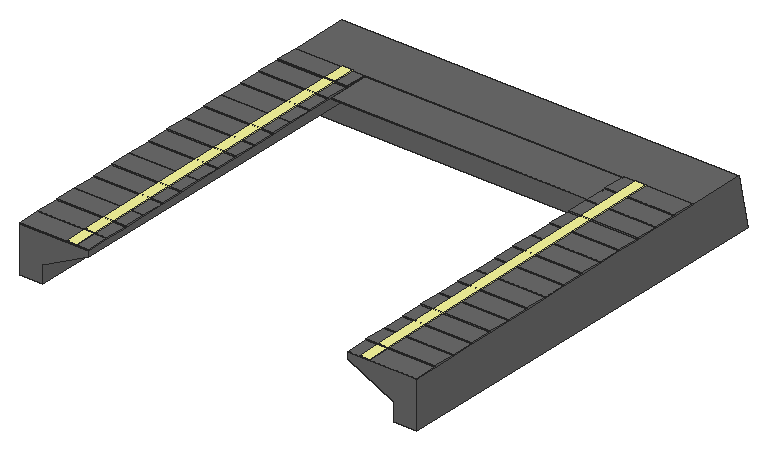
Revit family "Dock_Seal_Nova-Tech_FPHU", category Generic Models, Revit 2017
Family settings
  Can host rebar = No
  Round Connector Dimension = Use Diameter
  Part Type = Normal
  OmniClass Number = 23.50.70.11
  OmniClass Title = Dock Bumpers/Seals
  Work Plane-Based = Yes
  Always vertical = No
  Cut with Voids When Loaded = No
  Shared = No
  Room Calculation Point = No
Parameters
  projectionabs [instance] = abs(Projection_Top - Projection_Bottom) / 0' 1"  # 2
  faceangle [instance] = if(Projection_Top > Projection_Bottom, atan(projectionabs / ((Unit Height + Header Height) / 0' 1")), -atan(projectionabs / ((Unit Height + Header Height) / 0' 1")))  # 0.795724°
  Warranty Duration (Years) = 0
  Unit Width [instance] = (Opening Width + (Panel Width_Front * 2))  # 11' - 6"
  Unit Height [instance] = 10' - 0"
  Unit Depth [instance] = if(Projection_Top > Projection_Bottom, Projection_Top, Projection_Bottom)  # 1' - 6"
  URL = "http://www.novalocks.com/"
  Test Data = ""
  Specification = "http://arcat.com/arcatcos/cos43/arc43493.html?isac=1&r=2"
  SpecWizard = ""
  Send Message = "http://www.arcat.com/users.pl?action=UserEmail&company=Nova+Technology&coid=43493&rep=132&fax=262-502-1511&mf="
  Sales Information = "http://www.novalocks.com/general-contact-info/"
  Revision = "R1_02-2013"
  Pull Rope System for Drop Curtain [instance] = yes
  Projection_Top [instance] = 1' - 6"
  Projection_Bottom [instance] = 1' - 4"
  Product Properties = ""
  Product Data = "http://arcat.com/arcatcos/cos43/arc43493.html?isac=1&r=2"
  Pleat Sizing [instance] = Pleats : 8in Spacing
  Panel Width_Front [instance] = 2' - 0"
  Panel Width_Back = 0' - 8"
  Overall Height [instance] = Unit Height + Header Height  # 12' - 0"
  Opening Width Minimum = 6' - 6"
  Opening Width Maximum = 8' - 6"
  Opening Width [instance] = 7' - 6"
  Opening Height Minimum = 3' - 0"
  Opening Height Maximum = 12' - 0"
  Opening Height [instance] = Unit Height + Header Height  # 12' - 0"
  Model = "As Specified"
  Material = Polyethylene Sheeting - Black
  Manufacturer Website = "http://www.novalocks.com/"
  Manufacturer Phone - Toll Free = "800-236-7325"
  Manufacturer Phone = "262-502-1591"
  Manufacturer Fax = "262-502-1511"
  Manufacturer Address = "N90 W14507 Commerce Dr. Menomonee Falls, WI 53051"
  Manufacturer = "Nova Technology"
  Maintenance Schedule (Months) = 0
  Keynote = "11160"
  Installation-Fabrication = ""
  Installation Phase = ""
  Header Height [instance] = 2' - 0"
  Guide Color = Polyethylene Sheeting - Yellow
  Green Building-LEED = ""
  Full Length Guide Strip [instance] = yes
  Flame Retardant Foam and Fabric [instance] = yes
  Expected Lifespan (Years) = 0
  Drop Curtain [instance] = yes
  Drawn By = "Sumex Design, Inc. / Robert S. Weygant, CSI, CDT, SCIP"
  Description = "Nova Technology Dock Seal as Specified"
  Default Elevation = 4' - 0"
  Curtain Drop [instance] = 1' - 3"
  Copyright = "©Arcat Inc."
  Construction Details = ""
  Building Codes = ""
  Assembly Code = "E1030300"
  Armor Pleats = yes
Reference planes (in)
  plane 1 "Base": y = 0
  plane 2 "Host": z = 0
  plane 3 "Center (Left/Right)": x = 0
  plane 4 "OH": y = 120
  plane 5 "Left": x = -45
  plane 6 "Right": x = 45
  plane 7 "Front": z = 18
  plane 8: x = -69
  plane 9: x = 69
  plane 10: x = -45
  plane 11: x = 45
  plane 12: y = 124
  plane 13: y = 126
  plane 14: y = 144
  plane 15: y = 105
  plane 16: z = 18
  plane 17: z = 16
  plane 18: x = -61
  plane 19: x = 61
Forms (in)
  Extrusion 1, void
    sketch origin (0, 0, 0) x (1, 0, 0) y (0, 0, 1)
      loop
        line (-61, 0) -> (-45, 0) -> (-45, 14) -> (-61, 6) -> (-61, 0)
      loop
        line (61, 0) -> (61, 6) -> (45, 14) -> (45, 0) -> (61, 0)
    from -120 to 0
  Extrusion 2, solid, material "Polyethylene Sheeting - Black" <- "Material"
    sketch origin (0, 0, 0) x (0, 1, 0) y (0, 0, 1)
      loop
        line (0, 0) -> (144, 0) -> (144, 18) -> (0, 16) -> (0, 0)
    from -69 to 69
  Extrusion 3, void
    sketch origin (0, 0, 0) x (0, 1, 0) y (0, 0, 1)
      loop
        line (120, 0) -> (120, 18) -> (0, 18) -> (0, 0) -> (120, 0)
    from -45 to 45
  Extrusion 4, solid, material "Polyethylene Sheeting - Black" <- "Material", visible <- "Drop Curtain"
    sketch origin (0, 0, 0) x (0, 1, 0) y (0, 0, 1)
      loop
        line (120, 17.66667) -> (105, 17.45833) -> (105, 17.26523) -> (120, 17.47356) -> (120, 17.66667)
    from -45 to 45
  Extrusion 5, void
    sketch origin (0, 0, 0) x (0, 1, 0) y (0, 0, 1)
      loop
        line (144, 0) -> (144, 18) -> (140, 18) -> (144, 0)
    from -69 to 69
Cuts and joins
  Extrusion 1, Extrusion 3, Extrusion 5 cuts Extrusion 2
Lines and regions (in)
  reference lines
    curve 1: line (0, 0, 16) -> (0, -0.04802, 19.45744)
Dimensions and locks (in)
  equal spacing: plane 5 "Left", plane 3 "Center (Left/Right)", plane 6 "Right"
  equal spacing: plane 8, plane 3 "Center (Left/Right)", plane 9
  "Opening Width": plane 5 "Left" to plane 6 "Right"
  "Unit Width": plane 8 to plane 9
  "Unit Height": plane 1 "Base" to plane 4 "OH"
  "Unit Depth": plane 7 "Front" to level
  locked: plane 13 to plane 12 at 2
  "Panel Width_Front": plane 8 to plane 10
  "Panel Width_Front": plane 11 to plane 9
  "Header Height": plane 14 to plane 4 "OH"
  locked: plane 12 to plane 4 "OH" at 4
  "Curtain Drop": plane 4 "OH" to plane 15
  "Projection_Top": plane 16 to level
  "Projection_Bottom": plane 17 to level
  "Panel Width_Back": Extrusion 1 sketch curve to plane 8
  locked: Extrusion 1 sketch curve to level at 6  (x2)
  "Panel Width_Back": plane 9 to Extrusion 1 sketch curve
  locked: plane 17 to Extrusion 1 sketch curve at 2  (x2)
  "Panel Width_Back": plane 8 to plane 18
  "Panel Width_Back": plane 19 to plane 9
  locked: cut or joined group of Extrusion 1, Extrusion 2, Extrusion 3, Extrusion 5 to Extrusion 4 sketch curve at 0.19309
  locked: Extrusion 5 sketch curve to plane 14 at 4
  "faceangle": angle plane 4 "OH" to curve 1
  aligned and locked: plane 10 to Extrusion 1 sketch curve
  aligned and locked: plane 11 to Extrusion 1 sketch curve
  aligned and locked: plane 4 "OH" to Extrusion 1
  aligned and locked: plane 1 "Base" to Extrusion 1
  aligned and locked: plane 1 "Base" to Extrusion 2 sketch curve
  aligned and locked: Extrusion 2 sketch curve to level
  aligned and locked: plane 9 to Extrusion 2
  aligned and locked: plane 14 to Extrusion 2 sketch curve  (x2)
  aligned and locked: Extrusion 2 sketch curve to plane 16
  aligned and locked: Extrusion 2 to plane 8
  aligned and locked: Extrusion 3 sketch curve to level
  aligned and locked: plane 4 "OH" to Extrusion 3 sketch curve
  aligned and locked: Extrusion 3 sketch curve to plane 7 "Front"
  aligned and locked: plane 1 "Base" to Extrusion 3 sketch curve
  aligned and locked: plane 11 to Extrusion 3
  aligned and locked: Extrusion 3 to plane 10
  aligned and locked: plane 9 to nested 2
  aligned and locked: plane 17 to Extrusion 2 sketch curve
  aligned and locked: plane 8 to nested 1
  aligned and locked: nested 1 to cut or joined group of Extrusion 1, Extrusion 2, Extrusion 3, Extrusion 5
  aligned and locked: plane 17 to curve 1
  aligned and locked: plane 4 "OH" to Extrusion 4 sketch curve
  aligned and locked: Extrusion 4 sketch curve to plane 15
  aligned and locked: cut or joined group of Extrusion 1, Extrusion 2, Extrusion 3, Extrusion 5 to Extrusion 4 sketch curve
  aligned and locked: Extrusion 5 sketch curve to plane 7 "Front"
  aligned and locked: plane 14 to Extrusion 5 sketch curve
  aligned and locked: plane 9 to Extrusion 5
  aligned and locked: Extrusion 5 to plane 8
  aligned and locked: plane 6 "Right" to Extrusion 4
  aligned and locked: Extrusion 4 to plane 5 "Left"
  aligned and locked: plane 1 "Base" to curve 1
  aligned and locked: nested 2 to curve 1
  aligned and locked: nested 1 to curve 1
Automatic sketch dimensions
  Extrusion 1 sketch curve to level = 0' - 0"  (x2)
  Extrusion 5 sketch curve to level = 0' - 0"
Nested families (in)
  nested 1: "Pleats" at (-69, 0, 16) x (1, 0, 0) z (0, -0.0139, 0.9999), visible <- "Armor Pleats", Width <- "Panel Width_Front", Unit Height <- "Unit Height", Full Length Guide Strip <- "Full Length Guide Strip", type <- "Pleat Sizing", type "8in Spacing"
    with Width 2' - 0", Unit Height 10' - 0", Remainder 0' - 0", Pleatscount 13.9, Pleats 14, Last Pleat 0' - 8", Guide Strip Length 10' - 0", Full Length Guide Strip yes, Pleat Spacing 0' - 8"
  nested 2: "Pleats" at (69, 0, 16) x (-1, 0, 0) z (0, -0.0139, 0.9999), visible <- "Armor Pleats", Width <- "Panel Width_Front", Unit Height <- "Unit Height", Full Length Guide Strip <- "Full Length Guide Strip", type <- "Pleat Sizing", type "8in Spacing"
    with Width 2' - 0", Unit Height 10' - 0", Remainder 0' - 0", Pleatscount 13.9, Pleats 14, Last Pleat 0' - 8", Guide Strip Length 10' - 0", Full Length Guide Strip yes, Pleat Spacing 0' - 8"
Definition of nested family "Pleats"
  Parameters
    Width [instance] = 1' - 0"
    Unit Height [instance] = 10' - 0"
    Pleatscount [instance] = (Unit Height / Pleat Spacing) - 1.1  # 6.4
    Pleats [instance] = Pleatscount  # 6
    Pleat Spacing = 1' - 4"
    Material = none
    Remainder [instance] = Unit Height - ((Pleats + 1) * (Pleat Spacing / 0' 1")) * 0' 1"  # 0' - 8"
    Last Pleat [instance] = if(Remainder = 0' 0", Pleat Spacing, Remainder)  # 0' - 8"
    Guide Strip Length [instance] = if(Full Length Guide Strip, Unit Height, 2' 0")  # 10' - 0"
    Guide Strip = none
    Full Length Guide Strip [instance] = yes
    Default Elevation = 4' - 0"
    Assembly Code = ""
    Armor Pleats = yes
  Reference planes (in)
    plane 1 "Center (Front/Back)": y = 0
    plane 2: z = 0
    plane 3 "Center (Left/Right)": x = 0
    plane 4: x = 12
    plane 5: y = 120
    plane 6: y = 16
  Forms (in)
    Extrusion 1, solid, material <- "Material", visible <- "Armor Pleats"
      sketch origin (0, 0, 0) x (0, 1, 0) y (0, 0, 1)
        loop
          line (0, 0) -> (16, 0) -> (16, 0.25) -> (0, 0.25) -> (0, 0)
      from 0 to 12
    Extrusion 2, solid, material <- "Material", visible <- "Armor Pleats"
      sketch origin (0, 0, 0) x (0, 1, 0) y (0, 0, 1)
        loop
          line (112, 0) -> (120, 0) -> (120, 0.25) -> (112, 0.5) -> (112, 0)
      from 0 to 12
    Extrusion 3, solid, material <- "Guide Strip"
      sketch origin (0, 0, 0) x (0, 1, 0) y (0, 0, 1)
        loop
          line (0, 0.25) -> (120, 0.25) -> (120, 0.56422) -> (15.875, 0.56422) -> (15.875, 0.375) -> (0, 0.375) -> (0, 0.25)
      from 4.25 to 7.75
  Lines and regions (in)
    model lines
      curve 1: line (0, 0, 0) -> (0, 0, 0.25)
      curve 2: line (0, 0, 0) -> (0, 9, 0)
  Dimensions and locks (in)
    "Width": plane 3 "Center (Left/Right)" to plane 4
    equal spacing: group 1, group 2, group 3, group 4, group 5, group 6  (x3)
    "Pleat Spacing": plane 1 "Center (Front/Back)" to Extrusion 1 sketch curve
    "Unit Height": plane 1 "Center (Front/Back)" to plane 5
    "Last Pleat": Extrusion 2 sketch curve to plane 5
    "Pleat Spacing": nested 1 to nested 2
    "Pleat Spacing": plane 1 "Center (Front/Back)" to nested 1
    "Pleat Spacing": plane 1 "Center (Front/Back)" to plane 6
    locked: Extrusion 3 sketch curve to plane 6 at 0.125
    Extrusion 3 to Extrusion 3 to plane 4 = 0' - 3 1/2" locked, 0' - 4 1/4" locked
    "Guide Strip Length": plane 1 "Center (Front/Back)" to Extrusion 3 sketch curve
    aligned and locked: plane 3 "Center (Left/Right)" to nested 1
    aligned and locked: plane 4 to nested 1
    aligned and locked: plane 3 "Center (Left/Right)" to nested 2
    aligned and locked: plane 4 to nested 2
    aligned and locked: Extrusion 1 to plane 4
    aligned and locked: plane 5 to Extrusion 2 sketch curve
    aligned and locked: plane 4 to Extrusion 2
    aligned and locked: Extrusion 2 to plane 3 "Center (Left/Right)"
  Automatic sketch dimensions
    curve 1 to plane 1 "Center (Front/Back)" = 0' - 0"
    curve 2 to level = 0' - 0"
    curve 1 to curve 2 = 0' - 9"
    curve 1 to curve 1 = 0' - 0 1/4"
    Extrusion 1 sketch curve to level = 0' - 0"
    level to Extrusion 1 sketch curve = 0' - 0 1/4"
    Extrusion 1 sketch curve to plane 1 "Center (Front/Back)" = 0' - 0"
    Extrusion 2 sketch curve to level = 0' - 0"
    level to Extrusion 2 sketch curve = 0' - 0 1/4"
    level to Extrusion 2 sketch curve = 0' - 0 1/2"
    Extrusion 3 sketch curve to plane 1 "Center (Front/Back)" = 0' - 0"
    level to Extrusion 3 sketch curve = 0' - 0.56422"
    Extrusion 3 sketch curve to Extrusion 3 sketch curve = 0' - 0.18922"
    Extrusion 3 sketch curve to Extrusion 3 sketch curve = 0' - 0 1/8"
  Nested families (in)
    nested 1: "Pleat" at (0, 16, 0), Width <- "Width", visible <- "Armor Pleats", Mat <- "Material", Pleat Spacing <- "Pleat Spacing", type "Pleat"
      with Width 1' - 0", Pleat Spacing 1' - 4", Mat none
    nested 2: "Pleat" at (0, 32, 0), Width <- "Width", visible <- "Armor Pleats", Mat <- "Material", Pleat Spacing <- "Pleat Spacing", type "Pleat"
      with Width 1' - 0", Pleat Spacing 1' - 4", Mat none
    nested 3: "Pleat" at (0, 48, 0), Width <- "Width", visible <- "Armor Pleats", Mat <- "Material", Pleat Spacing <- "Pleat Spacing", type "Pleat"
      with Width 1' - 0", Pleat Spacing 1' - 4", Mat none
    nested 4: "Pleat" at (0, 64, 0), Width <- "Width", visible <- "Armor Pleats", Mat <- "Material", Pleat Spacing <- "Pleat Spacing", type "Pleat"
      with Width 1' - 0", Pleat Spacing 1' - 4", Mat none
    nested 5: "Pleat" at (0, 80, 0), Width <- "Width", visible <- "Armor Pleats", Mat <- "Material", Pleat Spacing <- "Pleat Spacing", type "Pleat"
      with Width 1' - 0", Pleat Spacing 1' - 4", Mat none
    nested 6: "Pleat" at (0, 96, 0), Width <- "Width", visible <- "Armor Pleats", Mat <- "Material", Pleat Spacing <- "Pleat Spacing", type "Pleat"
      with Width 1' - 0", Pleat Spacing 1' - 4", Mat none
  Definition of nested family "Pleat"
    Parameters
      Width [instance] = 1' - 0"
      Pleat Spacing [instance] = 0' - 8"
      Mat [instance] = none
      Armor Pleats = yes
    Reference planes (in)
      plane 1 "Center (Front/Back)": y = 0
      plane 2: z = 0
      plane 3 "Center (Left/Right)": x = 0
      plane 4: x = 12
    Forms (in)
      Extrusion 1, solid, material <- "Mat"
        sketch origin (0, -9, 0) x (0, 1, 0) y (0, 0, 1)
          loop
            line (9, 0) -> (17, 0) -> (17, 0.21875) -> (9, 0.4375) -> (9, 0)
        from 0 to 12
    Dimensions and locks (in)
      "Width": plane 3 "Center (Left/Right)" to plane 4
      "Pleat Spacing": Extrusion 1 sketch curve to Extrusion 1 sketch curve
      aligned and locked: Extrusion 1 to plane 4
      aligned and locked: Extrusion 1 to plane 3 "Center (Left/Right)"
    Automatic sketch dimensions
      Extrusion 1 sketch curve to plane 1 "Center (Front/Back)" = 0' - 0"
      Extrusion 1 sketch curve to level = 0' - 0"
      Extrusion 1 sketch curve to Extrusion 1 sketch curve = 0' - 0 7/16"
      level to Extrusion 1 sketch curve = 0' - 0 7/32"
